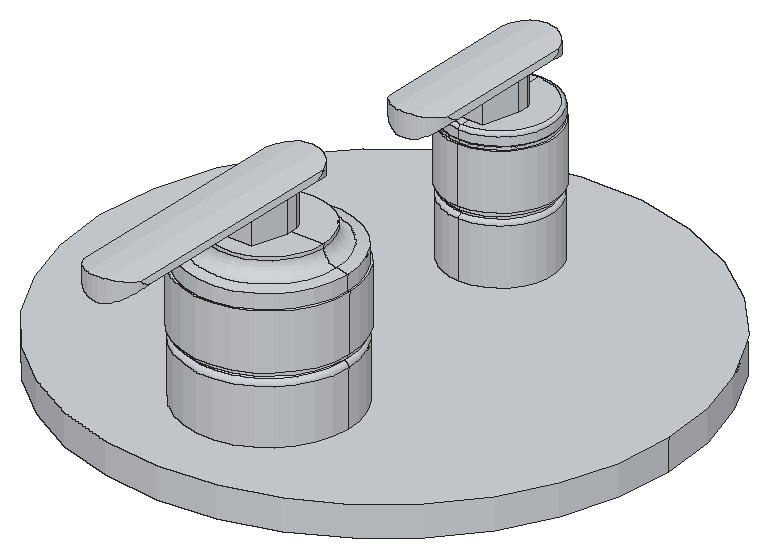
Revit family "Lixil-Grohe-Listra-2-H_PBV_Trim_w_2_way_Divert-106177_0_TEST", category Plumbing Fixtures, host Face, Revit 2023
Family settings
  Host = Face
  Round Connector Dimension = Use Diameter
  Part Type = Normal
  OmniClass Number = 23.45.55.17
  OmniClass Title = Mixing Faucets
  Enable Cutting in Views = Yes
  Cut with Voids When Loaded = No
  Maintain Annotation Orientation = No
  Shared = No
  Room Calculation Point = No
Parameters (values of type "Listra 2-H PBV Trim w/ 2-way Divert")
  Depth = 3 3/16"  # constant formula
  Width = 7 3/4"  # constant formula
  Waste Connection = 1 = 0  # no
  Warranty URL = "https://www.grohe.us/support/warranty"
  Version = "2023 - v1.0a"  # constant formula
  Vent Connection = 1 = 0  # no
  URL = "https://www.grohe.us"
  Support Phone = "224-699-9545"  # constant formula
  Support Email = "mailto:support@bimsmith.com"
  Product Page URL = "https://www.grohe.us"
  Product Name = "Listra 2-H PBV Trim w/ 2-way Divert"  # constant formula
  Product Documentation Link = "https://www.grohe.us"
  Model = "106177_0"
  Manufacturer Phone Number = "630-872-5570"  # constant formula
  Manufacturer Email = "https://www.grohe.us"
  Manufacturer Address = "https://www.grohe.us"
  Manufacturer = "LIXIL"  # constant formula
  Keynote = "22 40 00"
  Height [instance] = 9 3/16"  # constant formula
  HW Connection = 1 = 1  # yes
  Finish = Metal - Grohe - Chrome
  Description = "Listra 2-H PBV Trim w/ 2-way Divert"  # constant formula
  Default Elevation = 0"  # constant formula
  Copyright = "©LIXIL® | All Rights Reserved"  # constant formula
  Collection = "Listra"  # constant formula
  CW Connection = 1 = 1  # yes
  Brand = "Grohe"  # constant formula
  Assembly Code = "D2010400"
Reference planes (in)
  plane 1 "Center (Front/Back)": y = 0
  plane 2: z = 0
  plane 3 "Center (Left/Right)": x = 0
Dimensions and locks (in)
  aligned and locked: plane 2 to host face
  aligned and locked: level to host face
  aligned and locked: plane 1 "Center (Front/Back)" to nested 1
  aligned and locked: plane 3 "Center (Left/Right)" to nested 1
  aligned and locked: plane 3 "Center (Left/Right)" to nested 2
  aligned and locked: plane 1 "Center (Front/Back)" to nested 2
Nested families (in)
  nested 1: "Nested-1-106177_0" at (0, 0, 0), type "Nested-1-Listra 2-H PBV Trim w/ 2-way Divert", detail levels medium+fine
    with Height 9 3/16"
  nested 2: "Nested-2-106177_0" at (0, 0, 0), type "Nested-2-Listra 2-H PBV Trim w/ 2-way Divert", detail levels coarse
    with Height 9 3/16"
Definition of nested family "Nested-1-106177_0"
  Parameters (values of type "Nested-1-Listra 2-H PBV Trim w/ 2-way Divert")
    Depth = 3 3/16"  # constant formula
    Width = 7 3/4"  # constant formula
    Waste Connection = 1 = 0  # no
    Warranty URL = "https://www.grohe.us/support/warranty"
    Version = "2023 - v1.0a"  # constant formula
    Vent Connection = 1 = 0  # no
    URL = "https://www.grohe.us"
    Support Phone = "224-699-9545"  # constant formula
    Support Email = "mailto:support@bimsmith.com"
    Product Page URL = "https://www.grohe.us"
    Product Name = "Listra 2-H PBV Trim w/ 2-way Divert"  # constant formula
    Product Documentation Link = "https://www.grohe.us"
    Model = "106177_0"
    Manufacturer Phone Number = "630-872-5570"  # constant formula
    Manufacturer Email = "https://www.grohe.us"
    Manufacturer Address = "https://www.grohe.us"
    Manufacturer = "LIXIL"  # constant formula
    Keynote = "22 40 00"
    Height [instance] = 9 3/16"  # constant formula
    HW Connection = 1 = 1  # yes
    Finish = none
    Description = "Listra 2-H PBV Trim w/ 2-way Divert"  # constant formula
    Default Elevation = 0"  # constant formula
    Copyright = "©LIXIL® | All Rights Reserved"  # constant formula
    Collection = "Listra"  # constant formula
    CW Connection = 1 = 1  # yes
    Brand = "Grohe"  # constant formula
    Assembly Code = "D2010400"
  Reference planes (in)
    plane 1 "Center (Front/Back)": y = 0
    plane 2: z = 0
    plane 3 "Center (Left/Right)": x = 0
  Forms (in)
    Extrusion 1, solid
      sketch origin (0, 0, 0) x (1, 0, 0) y (0, 1, 0)
        loop
          line (-48, 48) -> (-48, -48) -> (48, -48) -> (48, 48) -> (-48, 48)
      from 0 to -12
    Extrusion 2, solid, material <- "Finish"
      sketch origin (0, 0, -0.94744) x (0, 1, 0) y (-1, 0, 0)
        loop
          circle (0, 0) r 3.875
      from 0.94744 to 1.35723
    Extrusion 3, solid, material <- "Finish"
      sketch origin (0, 0, -0.39478) x (-1, 0, 0) y (0, 0, 1)
        loop
          line (0.40874, 3.16125) -> (0.38731, 3.24122)
          arc (0.38731, 3.24122) -> (-0.00052, 3.29519) -> (-0.38799, 3.2387) r 1.38811
          line (-0.38799, 3.2387) -> (-0.40874, 3.16125)
          arc (-0.40874, 3.16125) -> (-0.22338, 3.02756) -> (0, 2.97927) r 0.55869
          arc (0, 2.97927) -> (0.22338, 3.02756) -> (0.40874, 3.16125) r 0.55869
      from 0.29334 to 2.78154
    Extrusion 4, void
      sketch origin (0, -0.16406, -1.34222) x (0, 1, 0) y (-1, 0, 0)
        loop
          line (2.95235, -0.50333) -> (2.95235, 0.50333) -> (2.52688, 0.50333) -> (2.52688, 0.40874)
          arc (2.52688, 0.40874) -> (2.93562, 0) -> (2.52688, -0.40874) r 0.40874
          line (2.52688, -0.40874) -> (2.52688, -0.50333) -> (2.95235, -0.50333)
      from 3.90514 to 4.26256
    Extrusion 5, void
      sketch origin (0, 3.2457, -1.34222) x (0, -1, 0) y (1, 0, 0)
        loop
          line (2.95235, 0.50333) -> (2.52688, 0.50333) -> (2.52688, 0.40874)
          arc (2.52688, 0.40874) -> (2.93562, 0) -> (2.52688, -0.40874) r 0.40874
          line (2.52688, -0.40874) -> (2.52688, -0.50333) -> (2.95235, -0.50333) -> (2.95235, 0.50333)
      from 3.90514 to 4.26256
    Revolve 6, solid, material <- "Finish"
      sketch origin (0, -1.96773, 0) x (-1, 0, 0) y (0, 0, 1)
        loop
          line (0, 0.40979) -> (0, 2.54241) -> (-0.74701, 2.54241) -> (-0.74701, 2.5009)
          arc (-0.74701, 2.5009) -> (-0.79871, 2.37219) -> (-0.9235, 2.31163) r 0.19253
          line (-0.9235, 2.31163) -> (-1.07387, 2.2824) -> (-1.07387, 2.08542) -> (-1.10779, 2.08542) -> (-1.10779, 1.33063) -> (-1.07387, 1.33063) -> (-1.07387, 1.27495) -> (-0.97949, 1.27495)
          arc (-0.97949, 1.27495) -> (-0.98479, 1.23467) -> (-1.02083, 1.21591) r 0.044
          arc (-1.02083, 1.21591) -> (-1.0668, 1.19687) -> (-1.08584, 1.1509) r 0.065
          line (-1.08584, 1.1509) -> (-1.08584, 0.40979) -> (0, 0.40979)
        axis (0, 2.54241) -> (0, 0.40979)
      angle from 0 to 360
    Extrusion 7, solid, material <- "Finish"
      sketch origin (0, -4.17289, -0.1082) x (-1, 0, 0) y (0, 0, 1)
        loop
          line (0.40874, 3.16125) -> (0.38731, 3.24122)
          arc (0.38731, 3.24122) -> (-0.00052, 3.29519) -> (-0.38799, 3.2387) r 1.38811
          line (-0.38799, 3.2387) -> (-0.40874, 3.16125)
          arc (-0.40874, 3.16125) -> (-0.22338, 3.02756) -> (0, 2.97927) r 0.55869
          arc (0, 2.97927) -> (0.22338, 3.02756) -> (0.40874, 3.16125) r 0.55869
      from -0.73567 to 2.95235
    Extrusion 8, void
      sketch origin (0, -4.17289, -1.05564) x (0, 1, 0) y (-1, 0, 0)
        loop
          line (2.95235, -0.50333) -> (2.95235, 0.50333) -> (2.52688, 0.50333) -> (2.52688, 0.40874)
          arc (2.52688, 0.40874) -> (2.93562, 0) -> (2.52688, -0.40874) r 0.40874
          line (2.52688, -0.40874) -> (2.52688, -0.50333) -> (2.95235, -0.50333)
      from 3.90514 to 4.26256
    Extrusion 9, void
      sketch origin (0, -1.97293, -1.05564) x (0, -1, 0) y (1, 0, 0)
        loop
          line (2.95235, 0.50333) -> (2.52688, 0.50333) -> (2.52688, 0.40874)
          arc (2.52688, 0.40874) -> (2.93562, 0) -> (2.52688, -0.40874) r 0.40874
          line (2.52688, -0.40874) -> (2.52688, -0.50333) -> (2.95235, -0.50333) -> (2.95235, 0.50333)
      from 3.90514 to 4.26256
    Extrusion 10, solid, material <- "Finish"
      sketch origin (0, -1.96163, 1.32956) x (0, -1, 0) y (1, 0, 0)
        loop
          line (-0.0926, -0.30462) -> (0.05905, -0.30462) -> (0.514, -0.17962) -> (0.514, 0.17962) -> (0.05905, 0.30462) -> (-0.0926, 0.30462)
          arc (-0.0926, 0.30462) -> (-0.3129, 0) -> (-0.0926, -0.30462) r 0.32076
      from 1.21285 to 1.76246
    Revolve 11, solid, material <- "Finish"
      sketch origin (0, 0, 0) x (0, -1, 0) y (0, 0, 1)
        loop
          line (-2.67677, 1.16305) -> (-2.67677, 0.40979) -> (-1.97437, 0.40979) -> (-1.97437, 2.30004) -> (-2.63316, 2.30004)
          arc (-2.63316, 2.30004) -> (-2.66468, 2.28699) -> (-2.67773, 2.25547) r 0.04458
          line (-2.67773, 2.25547) -> (-2.67773, 2.14416) -> (-2.63955, 2.14416)
          arc (-2.63955, 2.14416) -> (-2.6572, 2.13754) -> (-2.66614, 2.12095) r 0.02683
          line (-2.66614, 2.12095) -> (-2.66614, 2.08848) -> (-2.69782, 2.08848) -> (-2.69782, 1.33324) -> (-2.66631, 1.33324) -> (-2.66631, 1.27756) -> (-2.62132, 1.27756) -> (-2.62132, 1.2185)
          arc (-2.62132, 1.2185) -> (-2.66053, 1.20226) -> (-2.67677, 1.16305) r 0.05545
        axis (-1.97437, 0.40979) -> (-1.97437, 2.30004)
      angle from 0 to 360
    Extrusion 12, solid, material <- "Finish"
      sketch origin (0, 1.96221, 1.10655) x (0, -1, 0) y (1, 0, 0)
        loop
          line (-0.0926, -0.30462) -> (0.05905, -0.30462) -> (0.514, -0.17962) -> (0.514, 0.17962) -> (0.05905, 0.30462) -> (-0.0926, 0.30462)
          arc (-0.0926, 0.30462) -> (-0.3129, 0) -> (-0.0926, -0.30462) r 0.32076
      from 1.19364 to 1.65992
  Cuts and joins
    Extrusion 4, Extrusion 5 cuts Extrusion 3
    Extrusion 8, Extrusion 9 cuts Extrusion 7
  Dimensions and locks (in)
    aligned and locked: plane 2 to Extrusion 1
    aligned and locked: level to Extrusion 1
    aligned and locked: plane 3 "Center (Left/Right)" to Revolve 6 sketch curve
Definition of nested family "Nested-2-106177_0"
  Parameters (values of type "Nested-2-Listra 2-H PBV Trim w/ 2-way Divert")
    Depth = 3 3/16"  # constant formula
    Width = 7 3/4"  # constant formula
    Waste Connection = 1 = 0  # no
    Warranty URL = "https://www.grohe.us/support/warranty"
    Version = "2023 - v1.0a"  # constant formula
    Vent Connection = 1 = 0  # no
    URL = "https://www.grohe.us"
    Support Phone = "224-699-9545"  # constant formula
    Support Email = "mailto:support@bimsmith.com"
    Product Page URL = "https://www.grohe.us"
    Product Name = "Listra 2-H PBV Trim w/ 2-way Divert"  # constant formula
    Product Documentation Link = "https://www.grohe.us"
    Model = "106177_0"
    Manufacturer Phone Number = "630-872-5570"  # constant formula
    Manufacturer Email = "https://www.grohe.us"
    Manufacturer Address = "https://www.grohe.us"
    Manufacturer = "LIXIL"  # constant formula
    Keynote = "22 40 00"
    Height [instance] = 9 3/16"  # constant formula
    HW Connection = 1 = 1  # yes
    Finish = none
    Description = "Listra 2-H PBV Trim w/ 2-way Divert"  # constant formula
    Default Elevation = 0"  # constant formula
    Copyright = "©LIXIL® | All Rights Reserved"  # constant formula
    Collection = "Listra"  # constant formula
    CW Connection = 1 = 1  # yes
    Brand = "Grohe"  # constant formula
    Assembly Code = "D2010400"
  Reference planes (in)
    plane 1 "Center (Front/Back)": y = 0
    plane 2: z = 0
    plane 3 "Center (Left/Right)": x = 0
  Forms (in)
    Extrusion 1, solid
      sketch origin (0, 0, 0) x (1, 0, 0) y (0, 1, 0)
        loop
          line (-48, 48) -> (-48, -48) -> (48, -48) -> (48, 48) -> (-48, 48)
      from 0 to -12
    Extrusion 2, solid, material <- "Finish"
      sketch origin (0, 0, -0.94744) x (0, 1, 0) y (-1, 0, 0)
        loop
          circle (0, 0) r 3.875
      from 0.94744 to 1.35723
    Extrusion 3, solid, material <- "Finish"
      sketch origin (0, 0, -0.39478) x (-1, 0, 0) y (0, 0, 1)
        loop
          line (0.40874, 3.16125) -> (0.38731, 3.24122)
          arc (0.38731, 3.24122) -> (-0.00052, 3.29519) -> (-0.38799, 3.2387) r 1.38811
          line (-0.38799, 3.2387) -> (-0.40874, 3.16125)
          arc (-0.40874, 3.16125) -> (-0.22338, 3.02756) -> (0, 2.97927) r 0.55869
          arc (0, 2.97927) -> (0.22338, 3.02756) -> (0.40874, 3.16125) r 0.55869
      from 0.29334 to 2.78154
    Revolve 4, solid, material <- "Finish"
      sketch origin (0, -1.96773, 0) x (-1, 0, 0) y (0, 0, 1)
        loop
          line (0, 0.40979) -> (0, 2.54241) -> (-0.74701, 2.54241) -> (-0.74701, 2.5009)
          arc (-0.74701, 2.5009) -> (-0.79871, 2.37219) -> (-0.9235, 2.31163) r 0.19253
          line (-0.9235, 2.31163) -> (-1.07387, 2.2824) -> (-1.07387, 2.08542) -> (-1.10779, 2.08542) -> (-1.10779, 1.33063) -> (-1.07387, 1.33063) -> (-1.07387, 1.27495) -> (-0.97949, 1.27495)
          arc (-0.97949, 1.27495) -> (-0.98479, 1.23467) -> (-1.02083, 1.21591) r 0.044
          arc (-1.02083, 1.21591) -> (-1.0668, 1.19687) -> (-1.08584, 1.1509) r 0.065
          line (-1.08584, 1.1509) -> (-1.08584, 0.40979) -> (0, 0.40979)
        axis (0, 2.54241) -> (0, 0.40979)
      angle from 0 to 360
    Extrusion 5, solid, material <- "Finish"
      sketch origin (0, -4.17289, -0.1082) x (-1, 0, 0) y (0, 0, 1)
        loop
          line (0.40874, 3.16125) -> (0.38731, 3.24122)
          arc (0.38731, 3.24122) -> (-0.00052, 3.29519) -> (-0.38799, 3.2387) r 1.38811
          line (-0.38799, 3.2387) -> (-0.40874, 3.16125)
          arc (-0.40874, 3.16125) -> (-0.22338, 3.02756) -> (0, 2.97927) r 0.55869
          arc (0, 2.97927) -> (0.22338, 3.02756) -> (0.40874, 3.16125) r 0.55869
      from -0.73567 to 2.95235
    Extrusion 6, solid, material <- "Finish"
      sketch origin (0, -1.96163, 1.32956) x (0, -1, 0) y (1, 0, 0)
        loop
          line (-0.0926, -0.30462) -> (0.05905, -0.30462) -> (0.514, -0.17962) -> (0.514, 0.17962) -> (0.05905, 0.30462) -> (-0.0926, 0.30462)
          arc (-0.0926, 0.30462) -> (-0.3129, 0) -> (-0.0926, -0.30462) r 0.32076
      from 1.21285 to 1.76246
    Revolve 7, solid, material <- "Finish"
      sketch origin (0, 0, 0) x (0, -1, 0) y (0, 0, 1)
        loop
          line (-2.67677, 1.16305) -> (-2.67677, 0.40979) -> (-1.97437, 0.40979) -> (-1.97437, 2.30004) -> (-2.63316, 2.30004)
          arc (-2.63316, 2.30004) -> (-2.66468, 2.28699) -> (-2.67773, 2.25547) r 0.04458
          line (-2.67773, 2.25547) -> (-2.67773, 2.14416) -> (-2.63955, 2.14416)
          arc (-2.63955, 2.14416) -> (-2.6572, 2.13754) -> (-2.66614, 2.12095) r 0.02683
          line (-2.66614, 2.12095) -> (-2.66614, 2.08848) -> (-2.69782, 2.08848) -> (-2.69782, 1.33324) -> (-2.66631, 1.33324) -> (-2.66631, 1.27756) -> (-2.62132, 1.27756) -> (-2.62132, 1.2185)
          arc (-2.62132, 1.2185) -> (-2.66053, 1.20226) -> (-2.67677, 1.16305) r 0.05545
        axis (-1.97437, 0.40979) -> (-1.97437, 2.30004)
      angle from 0 to 360
    Extrusion 8, solid, material <- "Finish"
      sketch origin (0, 1.96221, 1.10655) x (0, -1, 0) y (1, 0, 0)
        loop
          line (-0.0926, -0.30462) -> (0.05905, -0.30462) -> (0.514, -0.17962) -> (0.514, 0.17962) -> (0.05905, 0.30462) -> (-0.0926, 0.30462)
          arc (-0.0926, 0.30462) -> (-0.3129, 0) -> (-0.0926, -0.30462) r 0.32076
      from 1.19364 to 1.65992
  Dimensions and locks (in)
    aligned and locked: plane 2 to Extrusion 1
    aligned and locked: level to Extrusion 1
    aligned and locked: plane 3 "Center (Left/Right)" to Revolve 4 sketch curve
